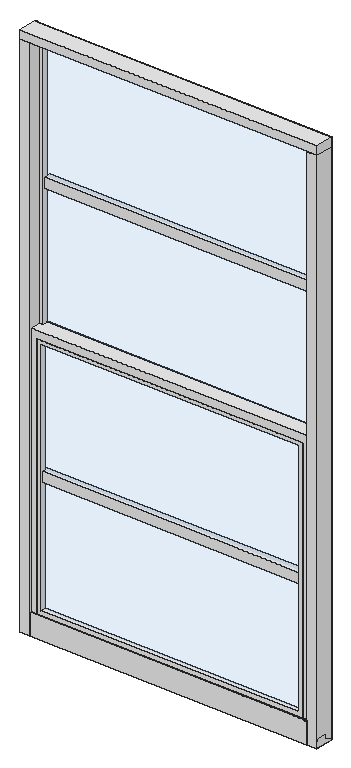
Revit family "Window_Curtain_Wall-Single_Hung-Traco-TR_9700-Heavy_Commercial", category Windows, Revit 2015
Parameters (values of type "TR-9700 - SH - Single Glazed")
  Window Width [instance] = if(CTRL Opening Width - Window Right Inset - Window Left Inset < Width Minimum, Width Minimum, if(CTRL Opening Width - Window Right Inset - Window Left Inset > Width Maximum, Width Maximum, CTRL Opening Width - Window Right Inset - Window Left Inset))  # 4' - 4 1/4"
  Window Top Inset [instance] = 0' - 0"
  Window Right Inset [instance] = 0' - 0"
  Window Muntin Type [instance] = Muntin-Grid-Traco-Lites : True
  Window Left Inset [instance] = 0' - 0"
  Window Height [instance] = if(CTRL Opening Height - Window Top Inset - Window Bottom Inset < Height Minimum, Height Minimum, if(CTRL Opening Height - Window Bottom Inset - Window Top Inset > Height Maximum, Height Maximum, CTRL Opening Height - Window Top Inset - Window Bottom Inset))  # 7' - 11"
  Window Bottom Inset [instance] = 0' - 0"
  Width Minimum = 2' - 0"
  Width Maximum = 10' - 0"
  Water Resistance = 15.0000 psf
  Uniform Load Structural = 60.0000 psf
  Uniform Load Deflection = 40.0000 psf
  URL = "http://www.alcoa.com/traco/en/home.asp"
  U Factor = ".50 Per NFRC 100"
  Type Comments = "Single Glazed"
  Test Size = "60\" X 99\""
  Sill Width = 0' - 4 3/8"  # constant formula
  Show Sill and Head [instance] = yes
  Screen Width [instance] = Window Width - (0' 1 3/4" * 2)  # 4' - 0 3/4"
  Screen Material = Aluminum - Traco - Screen
  Screen Height [instance] = CTRL Sash Bottom Height - (Rail Width / 2)  # 3' - 10 1/2"
  Sash Bottom Height [instance] = 1' - 6"
  Rail Width = 0' - 2"  # constant formula
  Product data url = "https://bimobject.com/kawneerna/product/97005"
  Product Page URL = "http://www.alcoa.com/traco/en/product.asp?cat_id=1905&prod_id=4193"
  Product Documentation Link = "http://www.alcoa.com/traco/cad/4193/010_CAD%20Files/010.pdf"
  Model = "TR-9700"
  Manufacturer = "Traco"  # constant formula
  Lite Top Height [instance] = 3' - 8 3/8"
  Keynote = "08500"
  Height Minimum = 2' - 0"
  Height Maximum = 10' - 0"
  Head Width = 0' - 1 1/2"  # constant formula
  Head Extension Right [instance] = 0' - 0"
  Head Extension Left [instance] = 0' - 0"
  Has Window Screen [instance] = no
  Has Unequal Sash [instance] = no
  Has Muntins = no
  Has Flange Frame = 1 = 0  # no
  Glazing Thickness = 0' - 0 1/4"
  Glazing Material = Glass - Traco - Clear
  Frame Material = Aluminum - Traco - Anodized - Gray
  Forced Entry Resistance = "TYPE A: GRADE 10"
  Designation = "AAMA/WDMA/CSA 101/I.S.2/A-440-05: H-AW50 And AAMA/WDMA/CSA 101/I.S.2/A-440-08: AW-PG50-H"
  Description = "Heavy Commercial, Single Hung, Side Load"  # constant formula
  Depth = 0' - 3 1/4"  # constant formula
  Copyright © = "2011 Traco"  # constant formula
  Condensation Resistance = 0.0000 psf
  CTRL Sash Bottom Height [instance] = if(Has Unequal Sash, Sash Bottom Height, Window Height / 2)  # 3' - 11 1/2"
  Interior Offset [instance] = 0' - 0"
  CTRL Opening Width [instance] = 4' - 4 1/4"
  CTRL Opening Height [instance] = 7' - 11"
  CTRL Head Right Extension [instance] = if(Has Flange Frame, 0' 0", Head Extension Right)  # 0' - 0"
  CTRL Head Left Extension [instance] = if(Has Flange Frame, 0' 0", Head Extension Left)  # 0' - 0"
  CTRL Flange Width = if(Has Flange Frame, 0' 2", 0' 0")  # 0' - 0"
  Exterior Offset [instance] = 0' - 0"
  Assembly Code = "B2020110"
  Allowable Air Infiltration Maximum = "0.3 @ 6.2 PSF"
Reference planes (in)
  plane 1 "Front": y = 0
  plane 2 "Original Ref. Plane": z = 0
  plane 3 "Center (Left/Right)": x = 0
  plane 4 "Left": x = -26.125
  plane 5 "Right": x = 26.125
  plane 6 "Top": z = 95
  plane 7 "Window Interior Offset": y = 0
  plane 8 "Window Center F/B": y = 0
  plane 9 "Exterior/Back": y = 1.625
  plane 10 "Interior/Front": y = -1.625
  plane 11 "Window Left": x = -26.125
  plane 12 "Window Right": x = 26.125
  plane 13 "Window Top": z = 95
  plane 14 "Flange Top": z = 95
  plane 15 "Head Bottom": z = 93.5
  plane 16 "Glass Pocket Bottom": z = 92.875
  plane 17 "Meeting Rail Center T/B": z = 47.5
  plane 18 "Meeting Rail Top": z = 48.5
  plane 19 "Meeting Rail Bottom": z = 46.5
  plane 20 "Top Muntin Center T/B": z = 70.6875
  plane 21 "Bottom Muntin Center T/B": z = 25.4375
  plane 22 "Bottom Sash Glass B": z = 4.375
  plane 23 "Sash Frame Bottom": z = 3.75
  plane 24 "Bottom Glass Interior": y = -0.611
  plane 25 "Bottom Glass Exterior": y = -0.361
  plane 26 "Top Glass Exterior": y = 1.348
  plane 27 "Top Glass Interior": y = 1.098
  plane 28 "Frame Left": x = -24.3648
  plane 29 "Frame Right": x = 24.3648
  plane 30 "Flange Bottom": z = 0
  plane 31 "Flange Right": x = 26.125
  plane 32 "Flange Left": x = -26.125
  plane 33 "Flange Thickness": y = 1.5625
  plane 34 "Sill Slope Bottom": z = 0.24
  plane 35 "Sill Slope Top": z = 0.6811
  plane 36 "Sill Top": z = 1.3611
  plane 37 "Bottom Sash Exterior": y = 0.155
  plane 38 "Frame Right Inset": x = 22.75
  plane 39 "Frame Left Inset": x = -22.75
  plane 40 "Bottom Glass Interior Offset": y = -1.361
  plane 41 "Bottom Glass Exterior Offset": y = -0.111
  plane 42 "Top Glass Exterior Offset": y = 1.598
  plane 43 "Top Glass Interior Offset": y = 0.348
  plane 44 "Bottom Glass T": z = 47.063
  plane 45 "Top Glass B": z = 47.937
  plane 46 "Top Frame Right Inset": x = 23.7398
  plane 47 "Top Frame Left Inset": x = -23.7398
  plane 48 "Bottom Frame Right Inset": x = 23.375
  plane 49 "Bottom Frame Left Inset": x = -23.375
  plane 50 "Top Glass Center F/B": y = 1.223
  plane 51 "Bottom Glass Center F/B": y = -0.486
  plane 52 "Sill/Head Left Extension": x = -26.125
  plane 53 "Sill/Head Right Extension": x = 26.125
  plane 54 "Interior/Front Inset": y = -1.5625
  plane 55 "Window Bottom": z = 0
  plane 56 "Window Center (Left/Right)": x = 0
Forms (in)
  Sweep 1, solid, material "Aluminum - Traco - Anodized - Gray" <- "Frame Material"
    path origin (0, 0, 0.125) x (-1, 0, 0) y (0, 0, 1)
      loop
        line (0, -0.125) -> (0, 93.375)
    profile origin (0, 0, 46.75) x (1, 0, 0) y (0, 1, 0)
      loop
        line (-24.3648, -1.625) -> (-24.3648, 1.5625) -> (-26.125, 1.5625) -> (-26.125, -1.625) -> (-24.3648, -1.625)
      loop
        line (24.3648, -1.625) -> (26.125, -1.625) -> (26.125, 1.5625) -> (24.3648, 1.5625) -> (24.3648, -1.625)
  Sweep 2, solid, material "Aluminum - Traco - Anodized - Gray" <- "Frame Material"
    path origin (0, 0, 0) x (-1, 0, 0) y (0, 0, 1)
      loop
        line (-26.125, 0.24) -> (26.125, 0.24)
    profile origin (0, 0, 0.24) x (0, 0, 1) y (0, 1, 0)
      loop
        line (1.1211, -1.5625) -> (1.1211, 0.155) -> (0.4411, 0.155) -> (0.01875, 1.5625) -> (-0.24, 1.5625) -> (-0.24, -1.5625) -> (1.1211, -1.5625)
  Sweep 3, solid, material "Aluminum - Traco - Anodized - Gray" <- "Frame Material"
    path origin (-1.19115, 0, 71.94551) x (-1, 0, 0) y (0, 0, 1)
      loop
        line (-27.31615, 21.55449) -> (24.93385, 21.55449)
    profile origin (0, 0, 93.5) x (0, 0, 1) y (0, 1, 0)
      loop
        line (0, 1.5625) -> (0, -1.625) -> (1.5, -1.625) -> (1.5, 1.5625) -> (0, 1.5625)
  Sweep 4, solid, material "Aluminum - Traco - Anodized - Gray" <- "Frame Material"
    path origin (3.54143, 0, -0.40863) x (1, 0, 0) y (0, 0, 1)
      loop
        line (-3.54143, 0.64863) -> (-3.54143, 93.90863)
    profile origin (0, 0, 46.87) x (-1, 0, 0) y (0, -1, 0)
      loop
        line (24.3648, -1.5625) -> (24.3648, -1.625) -> (26.125, -1.625) -> (26.125, -1.5625) -> (24.3648, -1.5625)
      loop
        line (-24.3648, -1.5625) -> (-26.125, -1.5625) -> (-26.125, -1.625) -> (-24.3648, -1.625) -> (-24.3648, -1.5625)
  Sweep 5, solid, material "Aluminum - Traco - Anodized - Gray" <- "Frame Material", visible <- "Show Sill and Head"
    path origin (-0.2639, 0, -1.58341) x (-1, 0, 0) y (0, 0, 1)
      loop
        line (-26.3889, 1.58341) -> (25.8611, 1.58341)
    profile origin (0, 0, 0) x (0, 0, 1) y (0, 1, 0)
      loop
        line (0, 1.625) -> (0, 1.5625) -> (0.25875, 1.5625) -> (0.24, 1.625) -> (0, 1.625)
  Sweep 6, solid, material "Aluminum - Traco - Anodized - Gray" <- "Frame Material", visible <- "Show Sill and Head"
    path origin (-1.31088, 0, 70.30922) x (-1, 0, 0) y (0, 0, 1)
      loop
        line (-27.43588, 24.69078) -> (24.81412, 24.69078)
    profile origin (0, 0, 95) x (0, 0, 1) y (0, 1, 0)
      loop
        line (-1.5, 1.625) -> (-1.5, 1.5625) -> (0, 1.5625) -> (0, 1.625) -> (-1.5, 1.625)
  Sweep 7, solid, material "Aluminum - Traco - Anodized - Gray" <- "Frame Material"
    path origin (-0.05903, 0, 2.24309) x (-1, 0, 0) y (0, 0, 1)
      loop
        line (-24.42383, 1.50691) -> (24.30577, 1.50691)
    profile origin (0, 0, 3.75) x (0, 0, 1) y (0, 1, 0)
      loop
        line (-2.3889, 0.155) -> (-2.3889, -1.5625) -> (0, -1.5625) -> (0, 0.155) -> (-2.3889, 0.155)
  Sweep 8, solid, material "Aluminum - Traco - Anodized - Gray" <- "Frame Material", detail levels medium+fine
    path origin (0, -1.361, 0) x (-1, 0, 0) y (0, 0, 1)
      loop
        line (-22.75, 4.375) -> (22.75, 4.375) -> (22.75, 46.5) -> (-22.75, 46.5) -> (-22.75, 4.375)
    profile origin (0, -1.361, 4.375) x (0, 0, 1) y (0, 1, 0)
      loop
        line (-0.625, 0) -> (0, 0) -> (0, 1) -> (-0.4375, 1.25) -> (-0.625, 1.25) -> (-0.625, 0)
  Extrusion 9, solid, material "Glass - Traco - Clear" <- "Glazing Material"
    sketch origin (0, 0, 0) x (1, 0, 0) y (0, 0, 1)
      loop
        line (24.3648, 47.125) -> (-24.3648, 47.125) -> (-24.3648, 3.75) -> (24.3648, 3.75) -> (24.3648, 47.125)
    from 0.361 to 0.611
  Sweep 10, solid, material "Aluminum - Traco - Anodized - Gray" <- "Frame Material", detail levels medium+fine
    path origin (0, 1.598, 0) x (-1, 0, 0) y (0, 0, 1)
      loop
        line (-23.7398, 47.937) -> (-23.7398, 92.875) -> (23.7398, 92.875) -> (23.7398, 47.937)
    profile origin (0, 1.598, 92.875) x (0, 0, 1) y (0, 1, 0)
      loop
        line (0, -1.25) -> (0.625, -1.25) -> (0.625, 0) -> (0.4375, 0) -> (0, -0.25) -> (0, -1.25)
  Extrusion 11, solid, material "Glass - Traco - Clear" <- "Glazing Material"
    sketch origin (-3, 0, 39) x (1, 0, 0) y (0, 0, 1)
      loop
        line (27.3648, 54.5) -> (-21.3648, 54.5) -> (-21.3648, 9.5) -> (27.3648, 9.5) -> (27.3648, 54.5)
    from -1.348 to -1.098
  Sweep 12, solid, material "Aluminum - Traco - Anodized - Gray" <- "Frame Material"
    path origin (0, 0, 0) x (1, 0, 0) y (0, 0, 1)
      loop
        line (24.3648, 47.5) -> (-24.3648, 47.5)
    profile origin (0, 0, 47.5) x (0, 0, -1) y (0, -1, 0)
      loop
        line (-1, 1.361) -> (-1, -1.348) -> (-0.6245, -1.598) -> (1, -1.598) -> (1, 0.111) -> (0.437, 0.111) -> (0.437, 1.361) -> (-1, 1.361)
  Sweep 13, solid, material "Aluminum - Traco - Anodized - Gray" <- "Frame Material"
    path origin (0.15765, 0, -0.40863) x (1, 0, 0) y (0, 0, 1)
      loop
        line (-0.15765, 1.76973) -> (-0.15765, 47.47163)
    profile origin (0, 0, 24.21205) x (-1, 0, 0) y (0, -1, 0)
      loop
        line (23.375, 1.361) -> (23.375, -0.155) -> (24.3648, -0.155) -> (24.3648, 1.361) -> (23.375, 1.361)
      loop
        line (-23.375, 1.361) -> (-24.3648, 1.361) -> (-24.3648, -0.155) -> (-23.375, -0.155) -> (-23.375, 1.361)
  Sweep 14, solid, material "Aluminum - Traco - Anodized - Gray" <- "Frame Material"
    path origin (0, 0, -0.00501) x (-1, 0, 0) y (0, 0, 1)
      loop
        line (-24.3648, 3.75501) -> (24.3648, 3.75501)
    profile origin (0, 0, 3.75) x (0, 0, 1) y (0, 1, 0)
      loop
        line (0, -1.625) -> (0, -1.5625) -> (-3.75, -1.5625) -> (-3.75, -1.625) -> (0, -1.625)
Cuts and joins
  joined: Sweep 7, Sweep 12, Sweep 13
  joined: Sweep 2, Sweep 14
Lines and regions (in)
  Masking region 1
    outline origin (0, 0, 0) x (-1, 0, 0) y (0, 0, 1)
      loop
        line (-26.125, 93.5) -> (-26.125, 0.24) -> (-24.3648, 0.24) -> (-24.3648, 93.5) -> (-26.125, 93.5)
      loop
        line (24.3648, 0.24) -> (26.125, 0.24) -> (26.125, 93.5) -> (24.3648, 93.5) -> (24.3648, 0.24)
  Masking region 2, visible <- "Show Sill and Head"
    outline origin (0, 0, 0) x (-1, 0, 0) y (0, 0, 1)
      loop
        line (-26.125, 95) -> (-26.125, 93.5) -> (26.125, 93.5) -> (26.125, 95) -> (-26.125, 95)
      loop
        line (26.125, 0) -> (26.125, 0.24) -> (-26.125, 0.24) -> (-26.125, 0) -> (26.125, 0)
  Masking region 3
    outline origin (0, 0, 0) x (-1, 0, 0) y (0, 0, 1)
      loop
        line (-24.3648, 48.5) -> (-24.3648, 46.5) -> (24.3648, 46.5) -> (24.3648, 48.5) -> (-24.3648, 48.5)
  Masking region 4
    outline origin (0, -1.361, 0) x (-1, 0, 0) y (0, 0, 1)
      loop
        line (-23.375, 3.75) -> (-23.375, 47.063) -> (-24.3648, 47.063) -> (-24.3648, 3.75) -> (-23.375, 3.75)
      loop
        line (23.375, 3.75) -> (24.3648, 3.75) -> (24.3648, 47.063) -> (23.375, 47.063) -> (23.375, 3.75)
  Masking region 5, detail levels medium+fine
    outline origin (0, -0.611, 0) x (-1, 0, 0) y (0, 0, 1)
      loop
        line (-23.375, 47.063) -> (-23.375, 3.75) -> (23.375, 3.75) -> (23.375, 47.063) -> (-23.375, 47.063)
      loop
        line (-22.75, 46.5) -> (-22.75, 4.375) -> (22.75, 4.375) -> (22.75, 46.5) -> (-22.75, 46.5)
  Masking region 6
    outline origin (0, -1.625, 0) x (-1, 0, 0) y (0, 0, 1)
      loop
        line (-24.3648, 3.75) -> (-24.3648, 0.24) -> (24.3648, 0.24) -> (24.3648, 3.75) -> (-24.3648, 3.75)
  Masking region 7, detail levels medium+fine
    outline origin (0, 1.348, 0) x (-1, 0, 0) y (0, 0, 1)
      loop
        line (-24.3648, 93.5) -> (-24.3648, 47.937) -> (24.3648, 47.937) -> (24.3648, 93.5) -> (-24.3648, 93.5)
      loop
        line (-23.7398, 92.875) -> (-23.7398, 48.5) -> (23.7398, 48.5) -> (23.7398, 92.875) -> (-23.7398, 92.875)
  Masking region 8
    outline origin (0, 1.098, 0) x (-1, 0, 0) y (0, 0, 1)
      loop
        line (24.3648, 47.937) -> (24.3648, 93.5) -> (-24.3648, 93.5) -> (-24.3648, 47.937) -> (24.3648, 47.937)
  Masking region 9
    outline origin (0, -0.361, 0) x (-1, 0, 0) y (0, 0, 1)
      loop
        line (23.375, 3.75) -> (23.375, 47.063) -> (-23.375, 47.063) -> (-23.375, 3.75) -> (23.375, 3.75)
  Masking region 10
    outline origin (0, 0, 0) x (0, 1, 0) y (0, 0, 1)
      loop
        line (1.625, 0) -> (1.625, 95) -> (-1.625, 95) -> (-1.625, 0) -> (1.625, 0)
  Masking region 11
    outline origin (0, 0, 47.5) x (1, 0, 0) y (0, 1, 0)
      loop
        line (26.125, -1.625) -> (26.125, 1.625) -> (-26.125, 1.625) -> (-26.125, -1.625) -> (26.125, -1.625)
  Split face 1
    outline origin (24.3648, 1.348, 48.5) x (-1, 0, 0) y (0, -1, 0)
      loop
        line (48.7296, 0.25) -> (0, 0.25)
      loop
        line (48.7296, 1) -> (0, 1)
  symbolic lines, style "WindowsFrameMullionProjection", detail levels medium+fine
    curve 1: line (22.75, -0.361, 46.5) -> (22.75, -0.361, 4.375)
    curve 2: line (22.75, -0.361, 4.375) -> (-22.75, -0.361, 4.375)
    curve 3: line (-22.75, -0.361, 4.375) -> (-22.75, -0.361, 46.5)
  symbolic lines, style "WindowsSillHeadProjection"
    curve 4: line (0, -1.625, 95) -> (0, 1.625, 95)
    curve 5: line (0, -1.625, 93.5) -> (0, -1.625, 95)
    curve 6: line (0, 1.625, 93.5) -> (0, -1.625, 93.5)
    curve 7: line (0, 1.625, 95) -> (0, 1.625, 93.5)
    curve 8: line (0, -1.625, 3.75) -> (0, 0.155, 3.75)
    curve 9: line (0, 0.155, 3.75) -> (0, 0.155, 0.6811)
    curve 10: line (0, 0.155, 0.6811) -> (0, 1.625, 0.24)
    curve 11: line (0, 1.625, 0.24) -> (0, 1.625, 0)
    curve 12: line (0, 1.625, 0) -> (0, -1.625, 0)
    curve 13: line (0, -1.625, 0) -> (0, -1.625, 3.75)
  symbolic lines, style "WindowsGlassProjection", detail levels medium+fine
    curve 14: line (0, 1.098, 93.5) -> (0, 1.098, 47.937)
    curve 15: line (0, 1.348, 93.5) -> (0, 1.348, 47.937)
    curve 16: line (0, -0.611, 47.063) -> (0, -0.611, 3.75)
    curve 17: line (0, -0.361, 47.063) -> (0, -0.361, 3.75)
    curve 50: line (24.3648, 1.348, 47.5) -> (-24.3648, 1.348, 47.5)
    curve 51: line (-24.3648, 1.098, 47.5) -> (24.3648, 1.098, 47.5)
    curve 53: line (23.375, -0.361, 47.5) -> (-23.375, -0.361, 47.5)
    curve 54: line (-23.375, -0.611, 47.5) -> (23.375, -0.611, 47.5)
  symbolic lines, style "WindowsGlassProjection", detail levels coarse
    curve 18: line (0, 1.223, 93.5) -> (0, 1.223, 47.937)
    curve 19: line (0, -0.486, 47.063) -> (0, -0.486, 3.75)
    curve 52: line (-24.3648, 1.223, 47.5) -> (24.3648, 1.223, 47.5)
    curve 55: line (-23.375, -0.486, 47.5) -> (23.375, -0.486, 47.5)
  symbolic lines, style "WindowsFrameMullionProjection", detail levels fine
    curve 20: line (0, -1.361, 47.063) -> (0, -1.361, 46.5)
    curve 21: line (0, -1.361, 46.5) -> (0, -0.611, 46.5)
    curve 22: line (0, -0.361, 46.5) -> (0, -0.111, 46.5)
    curve 23: line (0, -0.111, 46.5) -> (0, -0.111, 47.063)
    curve 24: line (0, 0.348, 47.937) -> (0, 0.348, 48.5)
    curve 25: line (0, 1.348, 48.5) -> (0, 1.598, 48.1245)
    curve 26: line (0, 1.598, 48.1245) -> (0, 1.598, 47.937)
    curve 27: line (0, 0.348, 93.5) -> (0, 0.348, 92.875)
    curve 28: line (0, 1.348, 92.875) -> (0, 1.598, 93.3125)
    curve 29: line (0, 1.598, 93.3125) -> (0, 1.598, 93.5)
    curve 30: line (0, -1.361, 3.75) -> (0, -1.361, 4.375)
    curve 31: line (0, -1.361, 4.375) -> (0, -0.611, 4.375)
    curve 32: line (0, -0.361, 4.375) -> (0, -0.111, 3.9375)
    curve 33: line (0, -0.111, 3.9375) -> (0, -0.111, 3.75)
    curve 56: line (-24.3648, 1.598, 47.5) -> (-23.7398, 1.598, 47.5)
    curve 57: line (-23.7398, 1.598, 47.5) -> (-23.7398, 1.348, 47.5)
    curve 58: line (-24.3648, 0.348, 47.5) -> (-23.7398, 0.348, 47.5)
    curve 59: line (-23.7398, 0.348, 47.5) -> (-23.7398, 1.098, 47.5)
    curve 60: line (24.3648, 0.348, 47.5) -> (23.7398, 0.348, 47.5)
    curve 61: line (23.7398, 0.348, 47.5) -> (23.7398, 1.098, 47.5)
    curve 62: line (24.3648, 1.598, 47.5) -> (23.7398, 1.598, 47.5)
    curve 63: line (23.7398, 1.598, 47.5) -> (23.7398, 1.348, 47.5)
    curve 68: line (-23.375, -0.111, 47.5) -> (-22.75, -0.111, 47.5)
    curve 69: line (-22.75, -0.111, 47.5) -> (-22.75, -0.361, 47.5)
    curve 70: line (-23.375, -1.361, 47.5) -> (-22.75, -1.361, 47.5)
    curve 71: line (-22.75, -1.361, 47.5) -> (-22.75, -0.611, 47.5)
    curve 76: line (23.375, -0.111, 47.5) -> (22.75, -0.111, 47.5)
    curve 77: line (22.75, -0.111, 47.5) -> (22.75, -0.361, 47.5)
    curve 78: line (23.375, -1.361, 47.5) -> (22.75, -1.361, 47.5)
    curve 79: line (22.75, -1.361, 47.5) -> (22.75, -0.611, 47.5)
    curve 83: line (0, 0.348, 92.875) -> (0, 1.098, 92.875)
    curve 84: line (0, 0.348, 48.5) -> (0, 1.098, 48.5)
  symbolic lines, style "WindowsFrameMullionProjection"
    curve 34: line (0, -1.361, 48.5) -> (0, 0.348, 48.5)
    curve 35: line (0, 0.348, 48.5) -> (0, 0.348, 47.937)
    curve 36: line (0, 0.348, 47.937) -> (0, 1.598, 47.937)
    curve 37: line (0, 1.598, 47.937) -> (0, 1.598, 46.5)
    curve 38: line (0, 1.598, 46.5) -> (0, -0.111, 46.5)
    curve 39: line (0, -0.111, 46.5) -> (0, -0.111, 47.063)
    curve 40: line (0, -0.111, 47.063) -> (0, -1.361, 47.063)
    curve 41: line (0, -1.361, 47.063) -> (0, -1.361, 48.5)
    curve 42: line (-24.3648, -1.625, 47.5) -> (-26.125, -1.625, 47.5)
    curve 43: line (-24.3648, 1.625, 47.5) -> (-24.3648, -1.625, 47.5)
    curve 44: line (-26.125, 1.625, 47.5) -> (-24.3648, 1.625, 47.5)
    curve 45: line (-26.125, -1.625, 47.5) -> (-26.125, 1.625, 47.5)
    curve 46: line (26.125, -1.625, 47.5) -> (24.3648, -1.625, 47.5)
    curve 47: line (26.125, 1.625, 47.5) -> (26.125, -1.625, 47.5)
    curve 48: line (24.3648, 1.625, 47.5) -> (26.125, 1.625, 47.5)
    curve 49: line (24.3648, -1.625, 47.5) -> (24.3648, 1.625, 47.5)
    curve 64: line (-23.375, -1.361, 47.5) -> (-24.3648, -1.361, 47.5)
    curve 65: line (-23.375, 0, 47.5) -> (-23.375, -1.361, 47.5)
    curve 66: line (-24.3648, 0, 47.5) -> (-23.375, 0, 47.5)
    curve 67: line (-24.3648, -1.361, 47.5) -> (-24.3648, 0, 47.5)
    curve 72: line (23.375, -1.361, 47.5) -> (24.3648, -1.361, 47.5)
    curve 73: line (23.375, 0, 47.5) -> (23.375, -1.361, 47.5)
    curve 74: line (24.3648, 0, 47.5) -> (23.375, 0, 47.5)
    curve 75: line (24.3648, -1.361, 47.5) -> (24.3648, 0, 47.5)
  symbolic lines, style "WindowsOpeningProjection", detail levels fine
    curve 80: line (0, 0, 20.5625) -> (0, 0, 30.3125)
    curve 81: line (0, 0, 30.3125) -> (1, 0, 28.58045)
    curve 82: line (0, 0, 30.3125) -> (-1, 0, 28.58045)
Text (in)
  text "Exterior" at (-54.29358, 31.38743, 0), in view "Ref. Level"
  text "Exterior" at (480, 41.53993, 89.60405), in view "Right"
  text "Exterior" at (-240, 57.82419, 105.78864), in view "Left"
Dimensions and locks (in)
  equal spacing: plane 4 "Left", plane 3 "Center (Left/Right)", plane 5 "Right"
  "Interior Offset": plane 7 "Window Interior Offset" to plane 1 "Front"
  "Exterior Offset": plane 8 "Window Center F/B" to plane 7 "Window Interior Offset"
  equal spacing: plane 9 "Exterior/Back", plane 8 "Window Center F/B", plane 10 "Interior/Front"
  "Depth": plane 9 "Exterior/Back" to plane 10 "Interior/Front"
  "Head Width": plane 15 "Head Bottom" to plane 13 "Window Top"
  locked: plane 16 "Glass Pocket Bottom" to plane 15 "Head Bottom" at 0.625
  equal spacing: plane 19 "Meeting Rail Bottom", plane 17 "Meeting Rail Center T/B", plane 18 "Meeting Rail Top"
  equal spacing: plane 18 "Meeting Rail Top", plane 20 "Top Muntin Center T/B", plane 16 "Glass Pocket Bottom"
  "Glazing Thickness": plane 24 "Bottom Glass Interior" to plane 25 "Bottom Glass Exterior"
  "Glazing Thickness": plane 27 "Top Glass Interior" to plane 26 "Top Glass Exterior"
  "Rail Width": plane 19 "Meeting Rail Bottom" to plane 18 "Meeting Rail Top"
  locked: plane 29 "Frame Right" to plane 12 "Window Right" at 1.7602
  locked: plane 11 "Window Left" to plane 28 "Frame Left" at 1.7602
  "CTRL Flange Width": plane 12 "Window Right" to plane 31 "Flange Right"
  "CTRL Flange Width": plane 32 "Flange Left" to plane 11 "Window Left"
  "CTRL Flange Width": plane 30 "Flange Bottom" to plane 55 "Window Bottom"
  locked: plane 9 "Exterior/Back" to plane 33 "Flange Thickness" at 0.0625
  locked: plane 55 "Window Bottom" to plane 34 "Sill Slope Bottom" at 0.24
  locked: plane 34 "Sill Slope Bottom" to plane 35 "Sill Slope Top" at 0.4411
  locked: plane 35 "Sill Slope Top" to plane 36 "Sill Top" at 0.68
  "Sill Width": plane 55 "Window Bottom" to plane 22 "Bottom Sash Glass B"
  locked: plane 38 "Frame Right Inset" to plane 12 "Window Right" at 3.375
  locked: plane 11 "Window Left" to plane 39 "Frame Left Inset" at 3.375
  locked: plane 23 "Sash Frame Bottom" to plane 22 "Bottom Sash Glass B" at 0.625
  locked: plane 44 "Bottom Glass T" to plane 19 "Meeting Rail Bottom" at 0.563
  locked: plane 18 "Meeting Rail Top" to plane 45 "Top Glass B" at 0.563
  locked: plane 46 "Top Frame Right Inset" to plane 29 "Frame Right" at 0.625
  locked: plane 28 "Frame Left" to plane 47 "Top Frame Left Inset" at 0.625
  "CTRL Sash Bottom Height": plane 55 "Window Bottom" to plane 17 "Meeting Rail Center T/B"
  equal spacing: plane 22 "Bottom Sash Glass B", plane 21 "Bottom Muntin Center T/B", plane 19 "Meeting Rail Bottom"
  locked: plane 38 "Frame Right Inset" to plane 48 "Bottom Frame Right Inset" at 0.625
  locked: plane 49 "Bottom Frame Left Inset" to plane 39 "Frame Left Inset" at 0.625
  equal spacing: plane 27 "Top Glass Interior", plane 50 "Top Glass Center F/B", plane 26 "Top Glass Exterior"
  equal spacing: plane 24 "Bottom Glass Interior", plane 51 "Bottom Glass Center F/B", plane 25 "Bottom Glass Exterior"
  locked: plane 10 "Interior/Front" to plane 37 "Bottom Sash Exterior" at 1.78
  "CTRL Head Right Extension": plane 31 "Flange Right" to plane 53 "Sill/Head Right Extension"
  "CTRL Head Left Extension": plane 52 "Sill/Head Left Extension" to plane 32 "Flange Left"
  locked: plane 10 "Interior/Front" to plane 54 "Interior/Front Inset" at 0.0625
  "Window Right Inset": plane 12 "Window Right" to plane 5 "Right"
  "Window Bottom Inset": plane 2 "Original Ref. Plane" to plane 55 "Window Bottom"
  "CTRL Flange Width": plane 13 "Window Top" to plane 14 "Flange Top"
  "CTRL Opening Height": plane 2 "Original Ref. Plane" to plane 6 "Top"
  "CTRL Opening Width": plane 4 "Left" to plane 5 "Right"
  plane 22 "Bottom Sash Glass B" to plane 19 "Meeting Rail Bottom" = 3' - 6 1/8"
  "Window Height": plane 55 "Window Bottom" to plane 13 "Window Top"
  "Window Width": plane 11 "Window Left" to plane 12 "Window Right"
  equal spacing: plane 11 "Window Left", plane 56 "Window Center (Left/Right)", plane 12 "Window Right"
  curve 80 to plane 21 "Bottom Muntin Center T/B" to curve 80 = 0' - 4 7/8" locked, 0' - 4 7/8" locked
  "Lite Top Height": plane 18 "Meeting Rail Top" to plane 16 "Glass Pocket Bottom"
  plane 42 "Top Glass Exterior Offset" to plane 9 "Exterior/Back" = 0' - 0.027"
  locked: plane 26 "Top Glass Exterior" to plane 42 "Top Glass Exterior Offset" at 0.25
  locked: plane 43 "Top Glass Interior Offset" to plane 42 "Top Glass Exterior Offset" at 1.25
  locked: plane 10 "Interior/Front" to plane 40 "Bottom Glass Interior Offset" at 0.264
  locked: plane 40 "Bottom Glass Interior Offset" to plane 41 "Bottom Glass Exterior Offset" at 1.25
  locked: plane 25 "Bottom Glass Exterior" to plane 41 "Bottom Glass Exterior Offset" at 0.25
  aligned and locked: level to plane 2 "Original Ref. Plane"
  aligned and locked: Sweep 1 sketch curve to plane 3 "Center (Left/Right)"
  aligned: plane 15 "Head Bottom" to Sweep 1 sketch curve
  aligned and locked: plane 33 "Flange Thickness" to Sweep 1 sketch curve
  aligned and locked: plane 11 "Window Left" to Sweep 1 sketch curve
  aligned and locked: Sweep 1 sketch curve to plane 28 "Frame Left"
  aligned and locked: Sweep 1 sketch curve to plane 10 "Interior/Front"
  aligned and locked: plane 12 "Window Right" to Sweep 1 sketch curve
  aligned and locked: Sweep 1 sketch curve to plane 29 "Frame Right"
  aligned and locked: plane 10 "Interior/Front" to Sweep 1 sketch curve
  aligned and locked: Sweep 1 sketch curve to plane 33 "Flange Thickness"
  aligned and locked: Sweep 2 sketch curve to plane 34 "Sill Slope Bottom"
  aligned and locked: plane 11 "Window Left" to Sweep 2 sketch curve
  aligned and locked: plane 12 "Window Right" to Sweep 2 sketch curve
  aligned and locked: plane 37 "Bottom Sash Exterior" to Sweep 2 sketch curve
  aligned and locked: plane 36 "Sill Top" to Sweep 2 sketch curve
  aligned and locked: Sweep 2 sketch curve to plane 35 "Sill Slope Top"
  aligned and locked: plane 11 "Window Left" to Sweep 3 sketch curve
  aligned and locked: plane 12 "Window Right" to Sweep 3 sketch curve
  aligned and locked: Sweep 3 sketch curve to plane 15 "Head Bottom"
  aligned and locked: plane 10 "Interior/Front" to Sweep 3 sketch curve
  aligned and locked: plane 15 "Head Bottom" to Sweep 3 sketch curve
  aligned and locked: Sweep 3 sketch curve to plane 33 "Flange Thickness"
  aligned and locked: Sweep 4 sketch curve to plane 3 "Center (Left/Right)"
  aligned and locked: plane 34 "Sill Slope Bottom" to Sweep 4 sketch curve
  aligned and locked: plane 9 "Exterior/Back" to Sweep 4 sketch curve
  aligned and locked: plane 29 "Frame Right" to Sweep 4 sketch curve
  aligned and locked: Sweep 4 sketch curve to plane 33 "Flange Thickness"
  aligned and locked: Sweep 4 sketch curve to plane 9 "Exterior/Back"
  aligned and locked: plane 33 "Flange Thickness" to Sweep 4 sketch curve
  aligned and locked: plane 28 "Frame Left" to Sweep 4 sketch curve
  aligned and locked: plane 15 "Head Bottom" to Sweep 4 sketch curve
  aligned and locked: Sweep 4 sketch curve to plane 32 "Flange Left"
  aligned and locked: Sweep 4 sketch curve to plane 31 "Flange Right"
  aligned and locked: Sweep 2 sketch curve to plane 33 "Flange Thickness"
  aligned and locked: Sweep 5 sketch curve to plane 30 "Flange Bottom"
  aligned and locked: Sweep 5 sketch curve to Sweep 2
  aligned and locked: plane 34 "Sill Slope Bottom" to Sweep 5 sketch curve
  aligned and locked: plane 33 "Flange Thickness" to Sweep 5 sketch curve  (x2)
  aligned and locked: Sweep 5 sketch curve to plane 9 "Exterior/Back"
  aligned and locked: plane 30 "Flange Bottom" to Sweep 5 sketch curve
  aligned and locked: Sweep 6 sketch curve to plane 14 "Flange Top"  (x2)
  aligned and locked: Sweep 6 sketch curve to plane 9 "Exterior/Back"
  aligned and locked: plane 15 "Head Bottom" to Sweep 6 sketch curve
  aligned and locked: plane 33 "Flange Thickness" to Sweep 6 sketch curve
  aligned and locked: Sweep 7 sketch curve to plane 23 "Sash Frame Bottom"  (x2)
  aligned and locked: Sweep 7 sketch curve to plane 37 "Bottom Sash Exterior"
  aligned and locked: plane 36 "Sill Top" to Sweep 7 sketch curve
  aligned and locked: Sweep 8 sketch curve to plane 22 "Bottom Sash Glass B"  (x2)
  aligned and locked: Sweep 8 sketch curve to plane 41 "Bottom Glass Exterior Offset"
  aligned and locked: plane 23 "Sash Frame Bottom" to Sweep 8 sketch curve
  aligned and locked: plane 23 "Sash Frame Bottom" to Extrusion 9 sketch curve
  aligned and locked: Extrusion 9 sketch curve to plane 28 "Frame Left"
  aligned and locked: plane 29 "Frame Right" to Extrusion 9 sketch curve
  aligned and locked: Extrusion 9 to plane 24 "Bottom Glass Interior"
  aligned and locked: plane 25 "Bottom Glass Exterior" to Extrusion 9
  aligned and locked: Sweep 8 sketch curve to plane 38 "Frame Right Inset"
  aligned and locked: plane 39 "Frame Left Inset" to Sweep 8 sketch curve
  aligned and locked: plane 19 "Meeting Rail Bottom" to Sweep 8 sketch curve
  aligned and locked: Sweep 8 to Extrusion 9
  aligned and locked: Sweep 10 sketch curve to plane 16 "Glass Pocket Bottom"  (x2)
  aligned and locked: plane 15 "Head Bottom" to Sweep 10 sketch curve
  aligned and locked: Sweep 10 sketch curve to plane 43 "Top Glass Interior Offset"
  aligned and locked: Extrusion 11 sketch curve to plane 15 "Head Bottom"
  aligned and locked: Extrusion 11 sketch curve to plane 28 "Frame Left"
  aligned and locked: plane 29 "Frame Right" to Extrusion 11 sketch curve
  aligned and locked: plane 26 "Top Glass Exterior" to Extrusion 11
  aligned and locked: Extrusion 11 to plane 27 "Top Glass Interior"
  aligned and locked: plane 28 "Frame Left" to Sweep 12 sketch curve
  aligned and locked: plane 29 "Frame Right" to Sweep 12 sketch curve
  aligned and locked: Sweep 12 sketch curve to plane 17 "Meeting Rail Center T/B"
  aligned and locked: plane 40 "Bottom Glass Interior Offset" to Sweep 12 sketch curve
  aligned and locked: Sweep 12 sketch curve to plane 18 "Meeting Rail Top"
  aligned and locked: plane 19 "Meeting Rail Bottom" to Sweep 12 sketch curve
  aligned and locked: plane 41 "Bottom Glass Exterior Offset" to Sweep 12 sketch curve
  aligned and locked: plane 44 "Bottom Glass T" to Sweep 12 sketch curve
  aligned and locked: plane 46 "Top Frame Right Inset" to Sweep 10 sketch curve
  aligned and locked: Sweep 10 sketch curve to plane 47 "Top Frame Left Inset"
  aligned and locked: plane 36 "Sill Top" to Sweep 13 sketch curve
  aligned and locked: Sweep 13 sketch curve to plane 3 "Center (Left/Right)"
  aligned and locked: plane 40 "Bottom Glass Interior Offset" to Sweep 13 sketch curve
  aligned and locked: Sweep 13 sketch curve to Sweep 8  (x2)
  aligned and locked: Sweep 13 sketch curve to plane 28 "Frame Left"
  aligned and locked: Sweep 13 sketch curve to plane 40 "Bottom Glass Interior Offset"
  aligned and locked: Sweep 13 sketch curve to plane 29 "Frame Right"
  aligned and locked: plane 44 "Bottom Glass T" to Sweep 13 sketch curve
  aligned and locked: plane 15 "Head Bottom" to Masking region 1 sketch curve
  aligned and locked: plane 32 "Flange Left" to Masking region 1 sketch curve
  aligned and locked: Masking region 1 sketch curve to plane 28 "Frame Left"
  aligned and locked: Masking region 1 sketch curve to plane 34 "Sill Slope Bottom"
  aligned and locked: plane 34 "Sill Slope Bottom" to Masking region 1 sketch curve
  aligned and locked: Masking region 1 sketch curve to plane 29 "Frame Right"
  aligned and locked: plane 31 "Flange Right" to Masking region 1 sketch curve
  aligned and locked: Masking region 1 sketch curve to plane 15 "Head Bottom"
  aligned and locked: Masking region 2 sketch curve to plane 14 "Flange Top"
  aligned and locked: plane 15 "Head Bottom" to Masking region 2 sketch curve
  aligned and locked: Masking region 2 sketch curve to plane 34 "Sill Slope Bottom"
  aligned and locked: plane 30 "Flange Bottom" to Masking region 2 sketch curve
  aligned and locked: Masking region 3 sketch curve to plane 18 "Meeting Rail Top"
  aligned and locked: Masking region 3 sketch curve to plane 28 "Frame Left"
  aligned and locked: plane 29 "Frame Right" to Masking region 3 sketch curve
  aligned and locked: plane 19 "Meeting Rail Bottom" to Masking region 3 sketch curve
  aligned and locked: Masking region 4 sketch curve to plane 44 "Bottom Glass T"
  aligned and locked: plane 29 "Frame Right" to Masking region 4 sketch curve
  aligned and locked: Masking region 4 sketch curve to plane 48 "Bottom Frame Right Inset"
  aligned and locked: plane 44 "Bottom Glass T" to Masking region 4 sketch curve
  aligned and locked: Masking region 4 sketch curve to plane 49 "Bottom Frame Left Inset"
  aligned and locked: plane 28 "Frame Left" to Masking region 4 sketch curve
  aligned and locked: plane 23 "Sash Frame Bottom" to Masking region 5 sketch curve
  aligned and locked: Masking region 5 sketch curve to plane 49 "Bottom Frame Left Inset"
  aligned and locked: plane 48 "Bottom Frame Right Inset" to Masking region 5 sketch curve
  aligned and locked: Masking region 5 sketch curve to plane 44 "Bottom Glass T"
  aligned and locked: plane 22 "Bottom Sash Glass B" to Masking region 5 sketch curve
  aligned and locked: Masking region 5 sketch curve to plane 39 "Frame Left Inset"
  aligned and locked: plane 38 "Frame Right Inset" to Masking region 5 sketch curve
  aligned and locked: Masking region 5 sketch curve to plane 19 "Meeting Rail Bottom"
  aligned and locked: plane 29 "Frame Right" to Sweep 7 sketch curve
  aligned and locked: plane 28 "Frame Left" to Sweep 7 sketch curve
  aligned and locked: plane 34 "Sill Slope Bottom" to Masking region 6 sketch curve
  aligned and locked: Masking region 6 sketch curve to plane 23 "Sash Frame Bottom"
  aligned and locked: plane 29 "Frame Right" to Masking region 6 sketch curve
  aligned and locked: Masking region 7 sketch curve to plane 15 "Head Bottom"
  aligned and locked: plane 29 "Frame Right" to Masking region 7 sketch curve
  aligned and locked: plane 46 "Top Frame Right Inset" to Masking region 7 sketch curve
  aligned and locked: Masking region 7 sketch curve to plane 16 "Glass Pocket Bottom"
  aligned and locked: Masking region 7 sketch curve to plane 28 "Frame Left"
  aligned and locked: Masking region 7 sketch curve to plane 47 "Top Frame Left Inset"
  aligned and locked: plane 45 "Top Glass B" to Masking region 7 sketch curve
  aligned and locked: plane 18 "Meeting Rail Top" to Masking region 7 sketch curve
  aligned and locked: Masking region 6 sketch curve to plane 28 "Frame Left"
  aligned and locked: plane 23 "Sash Frame Bottom" to Masking region 4 sketch curve
  aligned and locked: Masking region 4 sketch curve to plane 23 "Sash Frame Bottom"
  aligned and locked: Masking region 8 sketch curve to plane 15 "Head Bottom"
  aligned and locked: plane 29 "Frame Right" to Masking region 8 sketch curve
  aligned and locked: plane 45 "Top Glass B" to Masking region 8 sketch curve
  aligned and locked: Masking region 8 sketch curve to plane 28 "Frame Left"
  aligned and locked: Masking region 9 sketch curve to plane 44 "Bottom Glass T"
  aligned and locked: plane 48 "Bottom Frame Right Inset" to Masking region 9 sketch curve
  aligned and locked: Masking region 9 sketch curve to plane 49 "Bottom Frame Left Inset"
  aligned and locked: plane 23 "Sash Frame Bottom" to Masking region 9 sketch curve
  aligned and locked: plane 19 "Meeting Rail Bottom" to curve 1
  aligned and locked: plane 19 "Meeting Rail Bottom" to curve 3
  aligned and locked: curve 2 to plane 22 "Bottom Sash Glass B"
  aligned and locked: plane 39 "Frame Left Inset" to curve 3
  aligned and locked: curve 1 to plane 38 "Frame Right Inset"
  aligned and locked: Masking region 10 sketch curve to plane 13 "Window Top"
  aligned and locked: Masking region 10 sketch curve to plane 9 "Exterior/Back"
  aligned and locked: plane 10 "Interior/Front" to Masking region 10 sketch curve
  aligned and locked: curve 11 to plane 9 "Exterior/Back"
  aligned and locked: plane 34 "Sill Slope Bottom" to curve 11
  aligned and locked: plane 35 "Sill Slope Top" to curve 10
  aligned and locked: curve 9 to plane 37 "Bottom Sash Exterior"
  aligned and locked: plane 10 "Interior/Front" to curve 13
  aligned and locked: curve 8 to plane 23 "Sash Frame Bottom"
  aligned and locked: curve 7 to plane 9 "Exterior/Back"
  aligned and locked: plane 10 "Interior/Front" to curve 5
  aligned and locked: plane 14 "Flange Top" to curve 7
  aligned and locked: plane 44 "Bottom Glass T" to curve 17
  aligned and locked: plane 45 "Top Glass B" to curve 14
  aligned and locked: plane 15 "Head Bottom" to curve 15
  aligned and locked: curve 18 to plane 50 "Top Glass Center F/B"
  aligned and locked: curve 19 to plane 51 "Bottom Glass Center F/B"
  aligned and locked: plane 44 "Bottom Glass T" to curve 23
  aligned and locked: curve 21 to plane 19 "Meeting Rail Bottom"
  aligned and locked: curve 22 to plane 19 "Meeting Rail Bottom"
  aligned and locked: curve 26 to plane 42 "Top Glass Exterior Offset"
  aligned and locked: plane 43 "Top Glass Interior Offset" to curve 24
  aligned and locked: plane 15 "Head Bottom" to curve 29
  aligned and locked: plane 42 "Top Glass Exterior Offset" to curve 29
  aligned and locked: curve 27 to plane 43 "Top Glass Interior Offset"
  aligned and locked: plane 23 "Sash Frame Bottom" to curve 30
  aligned and locked: curve 33 to plane 41 "Bottom Glass Exterior Offset"
  aligned and locked: plane 40 "Bottom Glass Interior Offset" to curve 30
  aligned and locked: curve 31 to plane 22 "Bottom Sash Glass B"
  aligned and locked: curve 34 to plane 18 "Meeting Rail Top"
  aligned and locked: plane 40 "Bottom Glass Interior Offset" to curve 41
  aligned and locked: plane 41 "Bottom Glass Exterior Offset" to curve 39
  aligned and locked: plane 19 "Meeting Rail Bottom" to curve 38
  aligned and locked: curve 37 to plane 42 "Top Glass Exterior Offset"
  aligned and locked: Masking region 11 sketch curve to plane 11 "Window Left"
  aligned and locked: plane 10 "Interior/Front" to Masking region 11 sketch curve
  aligned and locked: Masking region 11 sketch curve to plane 9 "Exterior/Back"
  aligned and locked: plane 12 "Window Right" to Masking region 11 sketch curve
  aligned and locked: plane 10 "Interior/Front" to curve 42
  aligned and locked: plane 28 "Frame Left" to curve 43
  aligned and locked: plane 32 "Flange Left" to curve 44
  aligned and locked: curve 44 to plane 9 "Exterior/Back"
  aligned and locked: curve 49 to plane 29 "Frame Right"
  aligned and locked: plane 10 "Interior/Front" to curve 46
  aligned and locked: plane 31 "Flange Right" to curve 48
  aligned and locked: curve 48 to plane 9 "Exterior/Back"
  aligned and locked: curve 52 to plane 50 "Top Glass Center F/B"
  aligned and locked: curve 54 to plane 24 "Bottom Glass Interior"
  aligned and locked: curve 55 to plane 51 "Bottom Glass Center F/B"
  aligned and locked: plane 25 "Bottom Glass Exterior" to curve 53
  aligned and locked: plane 26 "Top Glass Exterior" to curve 57
  aligned and locked: curve 56 to plane 42 "Top Glass Exterior Offset"
  aligned and locked: plane 28 "Frame Left" to curve 56
  aligned and locked: plane 47 "Top Frame Left Inset" to curve 57
  aligned and locked: plane 27 "Top Glass Interior" to curve 59
  aligned and locked: curve 58 to plane 43 "Top Glass Interior Offset"
  aligned and locked: curve 59 to plane 47 "Top Frame Left Inset"
  aligned and locked: plane 29 "Frame Right" to curve 62
  aligned and locked: plane 43 "Top Glass Interior Offset" to curve 60
  aligned and locked: plane 26 "Top Glass Exterior" to curve 63
  aligned and locked: plane 42 "Top Glass Exterior Offset" to curve 62
  aligned and locked: plane 46 "Top Frame Right Inset" to curve 63
  aligned and locked: plane 27 "Top Glass Interior" to curve 61
  aligned and locked: curve 61 to plane 46 "Top Frame Right Inset"
  aligned and locked: curve 66 to plane 8 "Window Center F/B"
  aligned and locked: curve 67 to plane 28 "Frame Left"
  aligned and locked: plane 49 "Bottom Frame Left Inset" to curve 65
  aligned and locked: plane 49 "Bottom Frame Left Inset" to curve 70
  aligned and locked: plane 24 "Bottom Glass Interior" to curve 71
  aligned and locked: plane 25 "Bottom Glass Exterior" to curve 69
  aligned and locked: curve 68 to plane 41 "Bottom Glass Exterior Offset"
  aligned and locked: curve 70 to plane 40 "Bottom Glass Interior Offset"
  aligned and locked: curve 71 to plane 39 "Frame Left Inset"
  aligned and locked: plane 39 "Frame Left Inset" to curve 69
  aligned and locked: plane 48 "Bottom Frame Right Inset" to curve 73
  aligned and locked: curve 75 to plane 29 "Frame Right"
  aligned and locked: curve 72 to plane 40 "Bottom Glass Interior Offset"
  aligned and locked: plane 38 "Frame Right Inset" to curve 77
  aligned and locked: plane 41 "Bottom Glass Exterior Offset" to curve 76
  aligned and locked: curve 79 to plane 38 "Frame Right Inset"
  aligned and locked: Masking region 2 sketch curve to plane 52 "Sill/Head Left Extension"  (x2)
  aligned and locked: plane 53 "Sill/Head Right Extension" to Masking region 2 sketch curve  (x2)
  aligned and locked: plane 53 "Sill/Head Right Extension" to Sweep 6 sketch curve
  aligned and locked: plane 52 "Sill/Head Left Extension" to Sweep 6 sketch curve
  aligned and locked: plane 53 "Sill/Head Right Extension" to Sweep 5 sketch curve
  aligned and locked: plane 52 "Sill/Head Left Extension" to Sweep 5 sketch curve
  aligned: plane 2 "Original Ref. Plane" to Sweep 1 sketch curve
  aligned and locked: plane 54 "Interior/Front Inset" to Sweep 2 sketch curve
  aligned and locked: Sweep 7 sketch curve to plane 54 "Interior/Front Inset"
  aligned and locked: plane 29 "Frame Right" to Sweep 14 sketch curve
  aligned and locked: plane 28 "Frame Left" to Sweep 14 sketch curve
  aligned and locked: Sweep 14 sketch curve to plane 23 "Sash Frame Bottom"  (x2)
  aligned and locked: Sweep 14 sketch curve to plane 54 "Interior/Front Inset"
  aligned and locked: plane 10 "Interior/Front" to Sweep 14 sketch curve
  aligned and locked: plane 37 "Bottom Sash Exterior" to Sweep 13 sketch curve
  aligned and locked: Sweep 13 sketch curve to plane 37 "Bottom Sash Exterior"
  aligned and locked: Extrusion 11 sketch curve to plane 18 "Meeting Rail Top"
  aligned and locked: plane 8 "Window Center F/B" to curve 74
  aligned: nested 1 to plane 34 "Sill Slope Bottom"
  aligned: nested 1 to plane 29 "Frame Right"
  aligned and locked: Split face 1 sketch curve to Extrusion 11
  aligned and locked: Sweep 10 to Split face 1 sketch curve
  aligned and locked: cut or joined group of Sweep 7, Sweep 12, Sweep 13 to Split face 1 sketch curve  (x4)
  aligned and locked: plane 55 "Window Bottom" to Sweep 1
  aligned and locked: plane 55 "Window Bottom" to curve 12
  aligned and locked: plane 55 "Window Bottom" to Sweep 2 sketch curve
  aligned and locked: plane 55 "Window Bottom" to Masking region 10 sketch curve
  aligned and locked: plane 55 "Window Bottom" to Sweep 14 sketch curve
  aligned and locked: Sweep 3 sketch curve to plane 13 "Window Top"
  aligned and locked: plane 15 "Head Bottom" to Sweep 1 sketch curve
  aligned and locked: plane 19 "Meeting Rail Bottom" to nested 1
  aligned and locked: plane 28 "Frame Left" to nested 1
  aligned and locked: nested 3 to plane 46 "Top Frame Right Inset"
  aligned and locked: plane 16 "Glass Pocket Bottom" to nested 3
  aligned and locked: plane 47 "Top Frame Left Inset" to nested 3
  aligned and locked: nested 3 to plane 18 "Meeting Rail Top"
  aligned and locked: plane 19 "Meeting Rail Bottom" to nested 2
  aligned and locked: nested 2 to plane 22 "Bottom Sash Glass B"
  aligned and locked: plane 39 "Frame Left Inset" to nested 2
  aligned and locked: nested 2 to plane 38 "Frame Right Inset"
  aligned and locked: curve 4 to plane 13 "Window Top"
  aligned and locked: plane 56 "Window Center (Left/Right)" to curve 80
  aligned and locked: plane 56 "Window Center (Left/Right)" to curve 82
  aligned and locked: plane 40 "Bottom Glass Interior Offset" to Sweep 8 sketch curve  (x2)
  aligned and locked: plane 41 "Bottom Glass Exterior Offset" to Sweep 8 sketch curve
  aligned and locked: plane 26 "Top Glass Exterior" to Sweep 12 sketch curve
  aligned and locked: plane 42 "Top Glass Exterior Offset" to Sweep 12 sketch curve
  aligned and locked: plane 18 "Meeting Rail Top" to Sweep 12 sketch curve
  aligned and locked: plane 42 "Top Glass Exterior Offset" to Sweep 10 sketch curve
  aligned and locked: plane 16 "Glass Pocket Bottom" to Sweep 10 sketch curve
  aligned and locked: plane 26 "Top Glass Exterior" to Sweep 10 sketch curve
  aligned and locked: plane 45 "Top Glass B" to Sweep 10 sketch curve  (x2)
  aligned and locked: curve 17 to plane 25 "Bottom Glass Exterior"
  aligned and locked: curve 16 to plane 24 "Bottom Glass Interior"
  aligned and locked: curve 25 to cut or joined group of Sweep 7, Sweep 12, Sweep 13
  aligned and locked: plane 18 "Meeting Rail Top" to curve 25
  aligned and locked: curve 32 to Sweep 8
  aligned and locked: plane 22 "Bottom Sash Glass B" to curve 32
  aligned and locked: plane 25 "Bottom Glass Exterior" to Sweep 8 sketch curve
  aligned and locked: curve 83 to plane 16 "Glass Pocket Bottom"
  aligned and locked: plane 43 "Top Glass Interior Offset" to curve 83
  aligned and locked: plane 27 "Top Glass Interior" to curve 83
  aligned and locked: curve 84 to plane 18 "Meeting Rail Top"
  aligned and locked: plane 27 "Top Glass Interior" to curve 84
  aligned and locked: plane 43 "Top Glass Interior Offset" to curve 84
Automatic sketch dimensions
  Sweep 2 sketch curve to profile plane = 0' - 0.01875"
  Sweep 1 sketch curve to plane 55 "Window Bottom" = 0' - 0"
  plane 44 "Bottom Glass T" to Extrusion 9 sketch curve = 0' - 0.062"
  plane 51 "Bottom Glass Center F/B" to curve 55 = 0' - 0"
  curve 81 to plane 56 "Window Center (Left/Right)" = 0' - 1"
  plane 56 "Window Center (Left/Right)" to curve 82 = 0' - 1"
  curve 81 to curve 80 = 0' - 1.73205"
  curve 82 to curve 80 = 0' - 1.73205"
  Sweep 8 sketch curve to Sweep 8 sketch curve = 0' - 0 3/16"
  Sweep 12 sketch curve to Sweep 12 sketch curve = 0' - 0.3755"
  Sweep 10 sketch curve to Sweep 10 sketch curve = 0' - 0 3/16"
  curve 28 to plane 16 "Glass Pocket Bottom" = 0' - 0"
  curve 29 to plane 15 "Head Bottom" = 0' - 0 3/16"
Nested families (in)
  nested 1: "Screen-Exterior-Traco-Half" at (-0.9898, 0.155, 23.25) x (-1, 0, 0) z (0, 1, 0), visible <- "Has Window Screen", Width <- "Screen Width", Height <- "Screen Height", type "1 1/2"x3/8" Frame"
    with Width 4' - 0 3/4", Screen Offset 0' - 0 3/4", Height 3' - 10 1/2", CTRL Width 4' - 0 3/4", CTRL Height 3' - 10 1/2"
  nested 2: "Muntin-Grid-Traco-Lites" at (0, -0.486, 25.4375) x (-1, 0, 0) z (0, 1, 0), Glazing Thickness <- "Glazing Thickness", Material <- "Frame Material", visible <- "Has Muntins", type <- "Window Muntin Type", type "True"
    with Sash Height 3' - 6 1/8", Material Aluminum - Traco - Anodized - Gray, Length 3' - 9 1/2", Glazing Thickness 0' - 0 1/4", CTRL Muntin Vertical Distance 1' - 9 1/16", CTRL Muntin Horizontal Distance 3' - 9 1/2", CTRL Face Offset 0' - 0 1/8", CTRL Bar Vertical Visibility yes, CTRL Bar Horizontal Visibility no, CTRL Array Vertical Visibility no, CTRL Array Horizontal Visibility no, Lite Vertical Count 2, Lite Horizontal Count 1, Has True Muntins yes, Has Exterior Muntins no
  nested 3: "Muntin-Grid-Traco-Lites" at (0, 1.223, 70.6875) x (-1, 0, 0) z (0, 1, 0), Glazing Thickness <- "Glazing Thickness", visible <- "Has Muntins", Material <- "Frame Material", type <- "Window Muntin Type", type "True"
    with Sash Height 3' - 8 3/8", Material Aluminum - Traco - Anodized - Gray, Length 3' - 11.4796", Glazing Thickness 0' - 0 1/4", CTRL Muntin Vertical Distance 1' - 10 3/16", CTRL Muntin Horizontal Distance 3' - 11.4796", CTRL Face Offset 0' - 0 1/8", CTRL Bar Vertical Visibility yes, CTRL Bar Horizontal Visibility no, CTRL Array Vertical Visibility no, CTRL Array Horizontal Visibility no, Lite Vertical Count 2, Lite Horizontal Count 1, Has True Muntins yes, Has Exterior Muntins no
  nested 4: "Muntin-Square-Traco-Single" at (0, -1.111, 25.4375) x (-1, 0, 0) z (0, 1, 0), type "1 3/4" True Muntin"
    with Material Aluminum - Traco - Anodized - Gray, Length 3' - 9 1/2", Width Top 0' - 1 3/4", Width Base 0' - 1 3/4", Height 0' - 1 1/4"
  nested 5: "Muntin-Square-Traco-Single" at (0, 0.598, 70.6875) x (-1, 0, 0) z (0, 1, 0), type "1 3/4" True Muntin"
    with Material Aluminum - Traco - Anodized - Gray, Length 3' - 11.4796", Width Top 0' - 1 3/4", Width Base 0' - 1 3/4", Height 0' - 1 1/4"
Definition of nested family "Screen-Exterior-Traco-Half"
  Parameters
    Width [instance] = 4' - 0"
    URL = "http://www.alcoa.com/traco/en/home.asp"
    Screen Offset [instance] = 0' - 1 1/2"
    Screen Material = none
    Product Page URL = ""
    Product Documentation Link = ""
    Model = ""
    Frame Material = none
    Manufacturer = "Traco"  # constant formula
    Height [instance] = 7' - 0"
    Frame Width = 0' - 1 1/2"
    Frame Thickness = 0' - 0 3/8"
    Default Elevation = 4' - 0"
    Copyright © = "2011 Traco"  # constant formula
    CTRL Width [instance] = Width  # 4' - 0"
    CTRL Height [instance] = Height  # 7' - 0"
    Assembly Code = "B2010300"
  Reference planes (in)
    plane 1 "Center (Front/Back)": y = 0
    plane 2 "Original Ref": z = 0
    plane 3 "Center (Left/Right)": x = -1
    plane 4 "Bottom": z = 1.5
    plane 5 "Front": y = -42
    plane 6 "Back": y = 42
    plane 7 "Left": x = -25
    plane 8 "Right": x = 23
    plane 9 "Back Inset": y = 40.5
    plane 10 "Left Inset": x = -23.5
    plane 11 "Right Inset": x = 21.5
    plane 12 "Top": z = 1.875
    plane 13 "Front Inset": y = -40.5
    plane 14 "Screen Bottom": z = 1.635
  Forms (in)
    Extrusion 1, solid
      sketch origin (0, 0, 0) x (1, 0, 0) y (0, 1, 0)
        loop
          line (-48, 48) -> (-48, -48) -> (48, -48) -> (48, 48) -> (-48, 48)
      from 0 to -12
    Extrusion 2, solid, material <- "Frame Material", detail levels medium+fine
      sketch origin (0, 0, 0) x (1, 0, 0) y (0, 1, 0)
        loop
          line (-25, 42) -> (-25, -42) -> (23, -42) -> (23, 42) -> (-25, 42)
        loop
          line (21.5, -40.5) -> (21.5, 40.5) -> (-23.5, 40.5) -> (-23.5, -40.5) -> (21.5, -40.5)
      from 1.5 to 1.875
    Extrusion 3, solid, material <- "Screen Material", detail levels medium+fine
      sketch origin (0, 0, 1.875) x (-1, 0, 0) y (0, -1, 0)
        loop
          line (-21.5, 40.5) -> (-21.5, -40.5) -> (23.5, -40.5) -> (23.5, 40.5) -> (-21.5, 40.5)
      from -0.24 to 0
  Lines and regions (in)
    Masking region 1, detail levels medium+fine
      outline origin (0, 0, 0) x (1, 0, 0) y (0, 0, 1)
        loop
          line (-25, 1.875) -> (-25, 1.5) -> (-23.5, 1.5) -> (-23.5, 1.875) -> (-25, 1.875)
        loop
          line (23, 1.5) -> (23, 1.875) -> (21.5, 1.875) -> (21.5, 1.5) -> (23, 1.5)
    Masking region 2, detail levels medium+fine
      outline origin (0, 0, 1.875) x (-1, 0, 0) y (0, -1, 0)
        loop
          line (-23, 42) -> (-23, -42) -> (25, -42) -> (25, 42) -> (-23, 42)
        loop
          line (23.5, -40.5) -> (23.5, 40.5) -> (-21.5, 40.5) -> (-21.5, -40.5) -> (23.5, -40.5)
    Masking region 3, detail levels medium+fine
      outline origin (-1, 0, 0) x (0, 1, 0) y (0, 0, 1)
        loop
          line (-42, 1.875) -> (-42, 1.5) -> (-40.5, 1.5) -> (-40.5, 1.875) -> (-42, 1.875)
        loop
          line (42, 1.5) -> (42, 1.875) -> (40.5, 1.875) -> (40.5, 1.5) -> (42, 1.5)
    model lines, detail levels coarse
      curve 1: line (-25, -42, 1.875) -> (23, -42, 1.875)
      curve 2: line (23, -42, 1.875) -> (23, 42, 1.875)
      curve 3: line (23, 42, 1.875) -> (-25, 42, 1.875)
      curve 4: line (-25, 42, 1.875) -> (-25, -42, 1.875)
    model lines, detail levels fine
      curve 5: line (-25, 42, 1.875) -> (-23.5, 40.5, 1.875)
      curve 6: line (21.5, 40.5, 1.875) -> (23, 42, 1.875)
      curve 7: line (-25, -42, 1.875) -> (-23.5, -40.5, 1.875)
      curve 8: line (21.5, -40.5, 1.875) -> (23, -42, 1.875)
    symbolic lines
      curve 9: line (21.5, 0, 1.635) -> (-23.5, 0, 1.635)
      curve 10: line (-1, 40.5, 1.635) -> (-1, -40.5, 1.635)
      curve 13: line (-23.5, -40.5, 1.875) -> (21.5, 40.5, 1.875)
    symbolic lines, detail levels medium+fine
      curve 11: line (-23.5, 0, 1.875) -> (-1, 40.5, 1.875)
      curve 12: line (-1, -40.5, 1.875) -> (21.5, 0, 1.875)
    symbolic lines, detail levels coarse
      curve 14: line (-23.5, 0, 1.635) -> (-23.5, 0, 1.5)
      curve 15: line (21.5, 0, 1.635) -> (21.5, 0, 1.5)
      curve 16: line (-1, -40.5, 1.5) -> (-1, -40.5, 1.635)
      curve 17: line (-1, 40.5, 1.5) -> (-1, 40.5, 1.635)
  Dimensions and locks (in)
    plane 4 "Bottom" to plane 2 "Original Ref" = 0' - 1 1/2"
    "CTRL Width": plane 7 "Left" to plane 8 "Right"
    "CTRL Height": plane 5 "Front" to plane 6 "Back"
    "Frame Width": plane 6 "Back" to plane 9 "Back Inset"
    "Frame Width": plane 7 "Left" to plane 10 "Left Inset"
    "Frame Width": plane 11 "Right Inset" to plane 8 "Right"
    "Frame Thickness": plane 12 "Top" to plane 4 "Bottom"
    "Frame Width": plane 5 "Front" to plane 13 "Front Inset"
    equal spacing: plane 7 "Left", plane 3 "Center (Left/Right)", plane 8 "Right"
    locked: plane 12 "Top" to plane 14 "Screen Bottom" at 0.24
    equal spacing: plane 5 "Front", plane 1 "Center (Front/Back)", plane 6 "Back"
    "Screen Offset": plane 4 "Bottom" to plane 2 "Original Ref"
    aligned and locked: plane 2 "Original Ref" to Extrusion 1
    aligned and locked: level to Extrusion 1
    aligned and locked: Masking region 1 sketch curve to plane 12 "Top"
    aligned and locked: plane 4 "Bottom" to Masking region 1 sketch curve
    aligned and locked: Masking region 1 sketch curve to plane 7 "Left"
    aligned and locked: Masking region 2 sketch curve to plane 6 "Back"
    aligned and locked: Masking region 2 sketch curve to plane 7 "Left"
    aligned and locked: Masking region 2 sketch curve to plane 5 "Front"
    aligned and locked: Masking region 2 sketch curve to plane 8 "Right"
    aligned and locked: Masking region 2 sketch curve to plane 11 "Right Inset"
    aligned and locked: Masking region 2 sketch curve to plane 10 "Left Inset"
    aligned and locked: Masking region 2 sketch curve to plane 9 "Back Inset"
    aligned and locked: Masking region 2 sketch curve to plane 13 "Front Inset"
    aligned and locked: Extrusion 2 sketch curve to plane 9 "Back Inset"
    aligned and locked: Extrusion 2 sketch curve to plane 6 "Back"
    aligned and locked: Extrusion 2 sketch curve to plane 11 "Right Inset"
    aligned and locked: Extrusion 2 sketch curve to plane 8 "Right"
    aligned and locked: Extrusion 2 sketch curve to plane 10 "Left Inset"
    aligned and locked: Extrusion 2 sketch curve to plane 7 "Left"
    aligned and locked: Extrusion 2 sketch curve to plane 13 "Front Inset"
    aligned and locked: Extrusion 2 sketch curve to plane 5 "Front"
    aligned and locked: plane 12 "Top" to Extrusion 2
    aligned and locked: Extrusion 2 to plane 4 "Bottom"
    aligned and locked: curve 1 to Extrusion 2
    aligned and locked: curve 2 to Extrusion 2
    aligned and locked: curve 4 to Extrusion 2
    aligned and locked: Masking region 1 sketch curve to plane 8 "Right"
    aligned and locked: Masking region 3 sketch curve to plane 6 "Back"
    aligned and locked: Masking region 3 sketch curve to plane 5 "Front"
    aligned and locked: Masking region 3 sketch curve to plane 12 "Top"
    aligned and locked: Masking region 3 to plane 4 "Bottom"
    aligned and locked: plane 11 "Right Inset" to curve 8
    aligned and locked: plane 10 "Left Inset" to curve 7
    aligned and locked: plane 7 "Left" to curve 7
    aligned and locked: plane 10 "Left Inset" to curve 5
    aligned and locked: plane 11 "Right Inset" to curve 6
    aligned and locked: plane 5 "Front" to curve 8
    aligned and locked: plane 13 "Front Inset" to curve 8
    aligned and locked: plane 9 "Back Inset" to curve 6
    aligned and locked: plane 9 "Back Inset" to curve 5
    aligned and locked: plane 8 "Right" to curve 3
    aligned and locked: Extrusion 3 sketch curve to plane 9 "Back Inset"
    aligned and locked: Extrusion 3 sketch curve to plane 10 "Left Inset"
    aligned and locked: Extrusion 3 sketch curve to plane 13 "Front Inset"
    aligned and locked: Extrusion 3 sketch curve to plane 11 "Right Inset"
    aligned and locked: Extrusion 3 to plane 14 "Screen Bottom"
    aligned and locked: plane 12 "Top" to Extrusion 3
    aligned and locked: Masking region 1 sketch curve to plane 10 "Left Inset"
    aligned and locked: Masking region 1 sketch curve to plane 11 "Right Inset"
    aligned and locked: plane 11 "Right Inset" to curve 9
    aligned and locked: plane 14 "Screen Bottom" to curve 9
    aligned and locked: Masking region 3 sketch curve to plane 13 "Front Inset"
    aligned and locked: Masking region 3 sketch curve to plane 9 "Back Inset"
    aligned and locked: plane 13 "Front Inset" to curve 10
    aligned and locked: plane 9 "Back Inset" to curve 10
    aligned and locked: plane 14 "Screen Bottom" to curve 10
    aligned and locked: plane 6 "Back" to curve 6
    aligned and locked: plane 1 "Center (Front/Back)" to curve 12
    aligned and locked: plane 11 "Right Inset" to curve 12
    aligned and locked: plane 9 "Back Inset" to curve 11
    aligned and locked: plane 3 "Center (Left/Right)" to curve 11
    aligned and locked: plane 13 "Front Inset" to curve 12
    aligned and locked: plane 3 "Center (Left/Right)" to curve 12
    aligned and locked: plane 13 "Front Inset" to curve 13
    aligned and locked: plane 10 "Left Inset" to curve 11
    aligned and locked: plane 1 "Center (Front/Back)" to curve 11
    aligned and locked: plane 10 "Left Inset" to curve 14
    aligned and locked: plane 14 "Screen Bottom" to curve 14
    aligned and locked: plane 4 "Bottom" to curve 14
    aligned and locked: plane 14 "Screen Bottom" to curve 16
    aligned and locked: plane 4 "Bottom" to curve 16
    aligned and locked: curve 16 to plane 13 "Front Inset"
  Automatic sketch dimensions
    Extrusion 1 sketch curve to Extrusion 1 sketch curve = 8' - 0"  (x2)
    curve 15 to plane 4 "Bottom" = 0' - 0"
    Masking region 1 sketch curve to plane 4 "Bottom" = 0' - 0"
